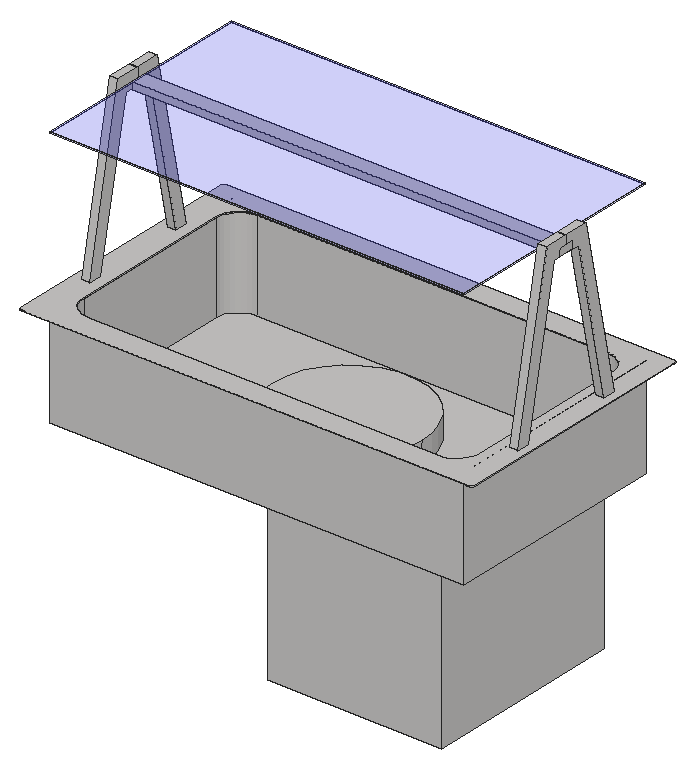
Revit family "QF_ELECTROLUXPROFESSIONAL_341175_D11C3O", category Attrezzature speciali, Revit 2020
Family settings
  Quota connettore circolare = Usa diametro
  Tipo di parte = Normale
  Basato su piano di lavoro = No
  Sempre verticale = Sì
  Taglio con vuoti quando caricato = No
  Condiviso = No
  Punto di calcolo locali = No
Parameters (values of type "Standard")
  Weight = 70.08 kg
  Watts = 570 W
  Volts = 220 V
  URL Manufacturer = "https://www.electroluxprofessional.com/"
  URL = "https://www.electroluxprofessional.com/"
  Steam Supply Size = 0 mm
  Steam Supply Minimum Pressure = 0.0 Pa
  Steam Supply Maximum Pressure = 0.0 Pa
  Steam Consumption per Hour = 0
  Refrigeration Suction Line Size = 0 mm
  Refrigeration Liquid Line Size = 0 mm
  Refrigerant Compressor Remote = yes
  Prospetto di default = 0 mm
  Produttore = "Electrolux Professional"
  Phase = 1
  Modello = "D11C3O"
  Length Actual = 1100 mm  # constant formula
  Item Number = "341175"
  Hot Water Size = 0 mm
  Height Actual = 999 mm  # constant formula
  HP = "0.8 HP"
  Gas Size = 0 mm
  Gas KW = 0
  Gas Input Pressure = 0 W
  Direct Waste Size = 0 mm
  Descrizione = "DROP-IN REFRIGERATED WELL, STATIC WITH FAN, 3GN WITH A TYPE OVERSHELF AND LED LIGHT"
  Depth Actual = 620 mm  # constant formula
  Cycle = 50 Hz
  Condensate Return Size = 0 mm
  Compressed Air Volume = 0.0 L/s
  Compressed Air Size = 0 mm
  Compressed Air Pressure = 0.0 Pa
  Cold Water Size = 0 mm
  Accessory = yes
Reference planes
  plane 1 "BACK": y = 0
  plane 2: z = 5.426
  plane 3 "LEFT": x = 0
  plane 4: y = -620
  plane 5: z = 409.426
  plane 6: y = -310
  plane 7: x = 550
Forms (mm)
  Extrusion 1, solid, material "QF_Finishes_Stainless Steel"
    sketch origin (0, 0, 5.426) x (1, 0, 0) y (0, 1, 0)
      loop
        arc (10, 0) -> (2.929, -2.929) -> (0, -10) r 10
        line (0, -10) -> (0, -610)
        arc (0, -610) -> (2.929, -617.071) -> (10, -620) r 10
        line (10, -620) -> (1090, -620)
        arc (1090, -620) -> (1097.071, -617.071) -> (1100, -610) r 10
        line (1100, -610) -> (1100, -10)
        arc (1100, -10) -> (1097.071, -2.929) -> (1090, 0) r 10
        line (1090, 0) -> (10, 0)
    from 0 to 1
  Extrusion 2, solid, material "QF_Finishes_Stainless Steel"
    sketch origin (0, 0, 12.548) x (1, 0, 0) y (0, 1, 0)
      loop
        line (50, -35) -> (50, -585) -> (1050, -585) -> (1050, -35) -> (50, -35)
    from -251.122 to -7.122
  Extrusion 3, void
    sketch origin (0, 0, -2.817) x (1, 0, 0) y (0, 1, 0)
      loop
        arc (125, -55) -> (86.109, -71.109) -> (70, -110) r 55
        line (70, -110) -> (70, -510)
        arc (70, -510) -> (86.109, -548.891) -> (125, -565) r 55
        line (125, -565) -> (975, -565)
        arc (975, -565) -> (1013.891, -548.891) -> (1030, -510) r 55
        line (1030, -510) -> (1030, -110)
        arc (1030, -110) -> (1013.891, -71.109) -> (975, -55) r 55
        line (975, -55) -> (125, -55)
    from -209.107 to 9.244
  Extrusion 4, solid, material "QF_Finishes_Stainless Steel"
    sketch origin (21.5, -620, 0) x (0, -1, 0) y (0, 0, -1)
      loop
        line (-310, -409.426) -> (-250.873, -409.426) -> (-165, -5.426) -> (-195, -5.426) -> (-272.583, -370.426) -> (-310, -370.426) -> (-310, -409.426)
    from 0 to 20
  Extrusion 5, solid, material "QF_Finishes_Stainless Steel"
    sketch origin (21.5, 0, 0) x (0, 1, 0) y (0, 0, 1)
      loop
        line (-310, 409.426) -> (-310, 370.426) -> (-272.583, 370.426) -> (-195, 5.426) -> (-165, 5.426) -> (-250.873, 409.426) -> (-310, 409.426)
    from 0 to 20
  Extrusion 6, solid, material "QF_Finishes_Stainless Steel"
    sketch origin (1078, -620, 0) x (0, -1, 0) y (0, 0, 1)
      loop
        line (-310, 409.426) -> (-310, 370.426) -> (-272.583, 370.426) -> (-195, 5.426) -> (-165, 5.426) -> (-250.873, 409.426) -> (-310, 409.426)
    from 0 to 20
  Extrusion 7, solid, material "QF_Finishes_Stainless Steel"
    sketch origin (1078, 0, 0) x (0, 1, 0) y (0, 0, -1)
      loop
        line (-310, -409.426) -> (-250.873, -409.426) -> (-165, -5.426) -> (-195, -5.426) -> (-272.583, -370.426) -> (-310, -370.426) -> (-310, -409.426)
    from 0 to 20
  Extrusion 8, solid, material "QF_Finishes_Stainless Steel"
    sketch origin (0, 0, 0) x (0, 1, 0) y (0, 0, 1)
      loop
        line (-291.292, 370.426) -> (-291.292, 387.956) -> (-328.917, 387.956) -> (-328.917, 370.426) -> (-291.292, 370.426)
    from 21.5 to 1078
  Extrusion 9, solid, material "Vetro"
    sketch origin (0, 0, 5.426) x (1, 0, 0) y (0, 1, 0)
      loop
        line (50, -35) -> (50, -585) -> (1050, -585) -> (1050, -35) -> (50, -35)
    from 382.529 to 387.529
  Extrusion 10, solid, material "QF_Finishes_Stainless Steel"
    sketch origin (329.693, -348.283, -643.387) x (0, 0, -1) y (0, 1, 0)
      loop
        circle (-372.814, -140.692) r 12.7
    from 5 to 70.307
  Extrusion 11, solid, material "QF_Finishes_Stainless Steel"
    sketch origin (160, -7, 5.426) x (1, 0, 0) y (0, 1, 0)
      loop
        circle (226.025, -481.971) r 12.675
    from -276 to -244
  Extrusion 12, solid, material "QF_Finishes_Stainless Steel"
    sketch origin (1725.693, 0, 22.375) x (-1, 0, 0) y (0, -1, 0)
      loop
        circle (1175.693, 310) r 180
    from -234.299 to -181.299
  Extrusion 13, solid, material "QF_Finishes_Stainless Steel"
    sketch origin (139.8, 0, 0.351) x (0, 1, 0) y (0, 0, 1)
      loop
        line (-161.185, -238.924) -> (-461.185, -238.924) -> (-461.185, -268.924) -> (-161.185, -268.924) -> (-161.185, -238.924)
    from 247.74 to 572.66
  Extrusion 14, solid, material "QF_Finishes_Stainless Steel"
    sketch origin (1222.74, 95, -362.649) x (0, 1, 0) y (0, 0, -1)
      loop
        line (-161.185, -124.076) -> (-161.185, 268.924) -> (-651.185, 268.924) -> (-651.185, -124.076) -> (-161.185, -124.076)
    from 247.74 to 670.28
Cuts and joins
  Extrusion 3 cuts Extrusion 1
  Extrusion 3 cuts Extrusion 2
Dimensions and locks
  equal spacing: Extrusion 1, Extrusion 2 sketch curve, Extrusion 2 sketch curve, Extrusion 1  (x2)
  Extrusion 1 to Extrusion 1 = 1100 mm
  Extrusion 1 to plane 1 "BACK" = 620 mm
  equal spacing: Extrusion 2, Extrusion 3 sketch curve, Extrusion 3 sketch curve, Extrusion 2  (x2)
  plane 5 to plane 2 = 404 mm
  equal spacing: plane 3 "LEFT", plane 7, cut or joined group of Extrusion 1, Extrusion 3
  aligned and locked: level to plane 2
Automatic sketch dimensions
  Extrusion 1 sketch curve to plane 3 "LEFT" = 0 mm
  plane 4 to Extrusion 1 sketch curve = 0 mm
  plane 1 "BACK" to Extrusion 1 sketch curve = 0 mm
  plane 3 "LEFT" to Extrusion 1 sketch curve = 10 mm  (x2)
  plane 3 "LEFT" to Extrusion 2 sketch curve = 50 mm
  Extrusion 2 sketch curve to plane 4 = 35 mm
  plane 1 "BACK" to Extrusion 2 sketch curve = 35 mm
  plane 3 "LEFT" to Extrusion 3 sketch curve = 70 mm
  Extrusion 3 sketch curve to Extrusion 3 sketch curve = 55 mm  (x4)
  Extrusion 3 sketch curve to plane 4 = 55 mm
  plane 1 "BACK" to Extrusion 3 sketch curve = 110 mm
  Extrusion 4 sketch curve to plane 6 = 0 mm
  plane 5 to Extrusion 4 sketch curve = 0 mm
  Extrusion 4 sketch curve to level = 0 mm
  Extrusion 4 sketch curve to Extrusion 4 sketch curve = 37.417 mm
  Extrusion 4 sketch curve to Extrusion 4 sketch curve = 21.71 mm
  plane 6 to Extrusion 4 sketch curve = 115 mm
  Extrusion 4 sketch curve to Extrusion 4 sketch curve = 30 mm
  Extrusion 4 sketch curve to Extrusion 4 sketch curve = 39 mm
  Extrusion 5 sketch curve to plane 6 = 0 mm
  plane 5 to Extrusion 5 sketch curve = 0 mm
  Extrusion 5 sketch curve to level = 0 mm
  Extrusion 5 sketch curve to Extrusion 5 sketch curve = 37.417 mm
  Extrusion 5 sketch curve to Extrusion 5 sketch curve = 21.71 mm
  plane 6 to Extrusion 5 sketch curve = 115 mm
  Extrusion 5 sketch curve to Extrusion 5 sketch curve = 30 mm
  Extrusion 5 sketch curve to Extrusion 5 sketch curve = 39 mm
  Extrusion 6 sketch curve to plane 6 = 0 mm
  plane 5 to Extrusion 6 sketch curve = 0 mm
  Extrusion 6 sketch curve to level = 0 mm
  Extrusion 6 sketch curve to Extrusion 6 sketch curve = 37.417 mm
  Extrusion 6 sketch curve to Extrusion 6 sketch curve = 21.71 mm
  Extrusion 6 sketch curve to plane 6 = 115 mm
  Extrusion 6 sketch curve to Extrusion 6 sketch curve = 30 mm
  Extrusion 6 sketch curve to Extrusion 6 sketch curve = 39 mm
  Extrusion 7 sketch curve to plane 6 = 0 mm
  plane 5 to Extrusion 7 sketch curve = 0 mm
  Extrusion 7 sketch curve to level = 0 mm
  Extrusion 7 sketch curve to Extrusion 7 sketch curve = 37.417 mm
  Extrusion 7 sketch curve to Extrusion 7 sketch curve = 21.71 mm
  plane 6 to Extrusion 7 sketch curve = 115 mm
  Extrusion 7 sketch curve to Extrusion 7 sketch curve = 30 mm
  Extrusion 7 sketch curve to Extrusion 7 sketch curve = 39 mm
  Extrusion 8 sketch curve to plane 6 = 18.917 mm
  plane 6 to Extrusion 8 sketch curve = 18.708 mm
  plane 5 to Extrusion 8 sketch curve = 39 mm
  Extrusion 8 sketch curve to Extrusion 8 sketch curve = 17.529 mm
  plane 3 "LEFT" to Extrusion 9 sketch curve = 50 mm
  Extrusion 9 sketch curve to plane 4 = 35 mm
  plane 1 "BACK" to Extrusion 9 sketch curve = 35 mm
  Extrusion 10 sketch curve to level = 276 mm
  Extrusion 10 sketch curve to plane 4 = 131.025 mm
  Extrusion 11 sketch curve to plane 4 = 131.029 mm
  Extrusion 11 sketch curve to plane 7 = 163.975 mm
  Extrusion 12 sketch curve to plane 6 = 0 mm
  Extrusion 12 sketch curve to plane 7 = 0 mm
  Extrusion 13 sketch curve to plane 6 = 151.185 mm
  plane 6 to Extrusion 13 sketch curve = 148.815 mm
  Extrusion 13 sketch curve to level = 274 mm
  Extrusion 13 sketch curve to Extrusion 13 sketch curve = 30 mm
  Extrusion 14 sketch curve to plane 6 = 246.185 mm
  plane 6 to Extrusion 14 sketch curve = 243.815 mm
  Extrusion 14 sketch curve to level = 244 mm
  Extrusion 14 sketch curve to Extrusion 14 sketch curve = 393 mm
  plane 7 to Extrusion 1 sketch curve = 540 mm  (x2)
  plane 1 "BACK" to Extrusion 1 sketch curve = 10 mm
  plane 7 to Extrusion 2 sketch curve = 500 mm
  plane 7 to Extrusion 3 sketch curve = 425 mm
  plane 7 to Extrusion 9 sketch curve = 500 mm
  radius of Extrusion 10 sketch curve = 12.7 mm
  radius of Extrusion 11 sketch curve = 12.675 mm
  radius of Extrusion 12 sketch curve = 180 mm
Connectors
  piping at (334.693, -488.975, -270.574), diameter 25.4
    settings: on Extrusion 10, index 5, connector inside diameter 609.6 mm, connector length 0 mm, flow factor 0, pipe flow 0.0 L/s, pressure drop 0.0 Pa, fitting loss kfactor 0, connector angle 0.00°, fixture units 0, engagement length 0 mm, angle of deflection 0.00°, flow configuration 0, flow direction 0, fitting loss method 0, system type 29, joint type 0, gender type 0, connector reference index -1, connector utility 0, adjustable connector no, is connector primary yes, connector description "D"
